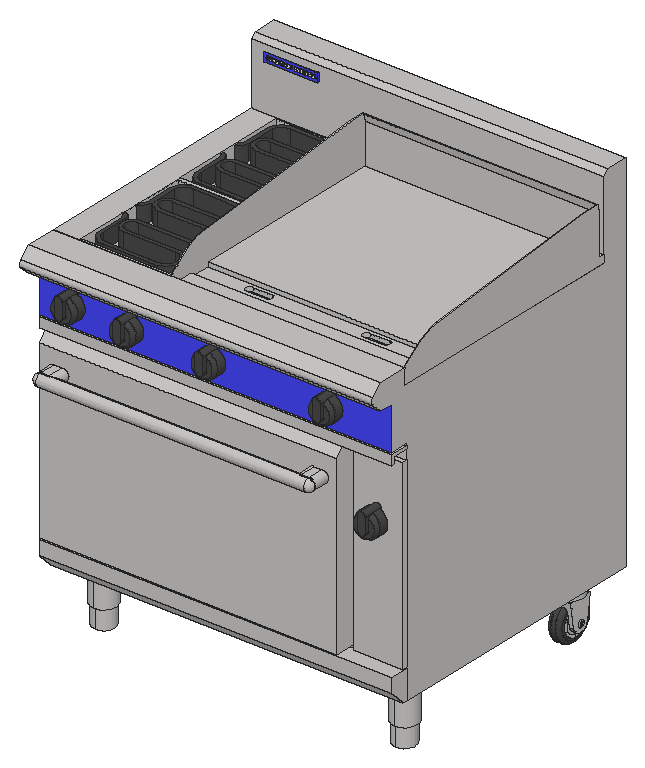
Revit family "QF_MOFFAT_BLUESEAL_CE_E56B", category Specialty Equipment, Revit 2012
Parameters
  Width = 900 mm  # constant formula
  Weight in Pounds = 440  # constant formula
  Watts = 18200 W
  Volts = 400 V
  URL Cutsheet = "www.moffat.com"
  URL = "www.moffat.com"
  Type Mark [instance] = ""
  Status [instance] = ""
  Specification by User [instance] = ""
  Specification by Manufacturer = ""
  Show Logo [instance] = yes
  Show Clearance [instance] = yes
  Show Casters [instance] = yes
  Serial Number = ""
  Seismic Rating = ""
  SMACNA No = ""
  Revision Code [instance] = ""
  Phase = 3
  Omniclass Number and Title = ""
  Number of Poles [instance] = 1
  NAFEM Spec ID Number = ""
  Model = "E56B"
  Min Ckt Ampacity = 0 A
  Max Overcurrent Protection = 0 A
  Masterspec = ""
  Manufacturer = "MOFFAT BLUESEAL"
  Legs [instance] = not(Show Casters)  # no
  Item Number [instance] = ""
  Installed By [instance] = ""
  Identify Quantity as Lot [instance] = yes
  Height = 970 mm  # constant formula
  HP = ""
  Furnished By [instance] = ""
  Foodservice Equipment Identifier [instance] = yes
  FL Amps = 20.9 A
  Electrical Remarks = "29.3A PER PHASE"
  Electric Connection Type = ""
  Elec Conn RI Height = 0 mm
  Elec Conn Connection Height = 0 mm
  Description = "900MM ELECTRIC RANGE WITH CONVECTION OVEN"
  Depth = 812 mm  # constant formula
  Cycle = 50 Hz
  Conn Plug = ""
  Conn Conduit = yes
  CSI MasterFormat = ""
  CSI Master Format = ""
  Body Finish = QF_Finishes_Stainless Steel
  Apparent Power = 0 VA
Reference planes
  plane 1 "BACK": y = 0
  plane 2: z = 0
  plane 3 "LEFT": x = 0
  plane 4 "RIGHT": x = 900
  plane 5 "FRONT": y = -812
  plane 6 "TOP": z = 970
  plane 7 "Center Y": x = 450
  plane 8 "Center X": y = -406
  plane 9: x = 280
  plane 10: y = -574.272
  plane 11: y = -304.972
  plane 12: y = -364.972
  plane 13: y = -812
  plane 14: x = 834.5
  plane 15: y = -32
  plane 16: z = 655
  plane 17: y = -100
  plane 18: z = 1085
  plane 19: y = -705
Forms (mm)
  Extrusion 1, solid, material "QF_Finishes_Stainless Steel" <- "Body Finish"
    sketch origin (0, 0, 0) x (0, 1, 0) y (0, 0, 1)
      loop
        line (0, 150) -> (0, 1085) -> (-57.5, 1085) -> (-70, 1072.5) -> (-70, 875) -> (-705, 875) -> (-705, 915) -> (-783.97, 915) -> (-808.476, 890.494)
        arc (-808.476, 890.494) -> (-811.994, 882) -> (-808.476, 873.506) r 12.013
        line (-808.476, 873.506) -> (-784.97, 850) -> (-749, 850) -> (-749, 740) -> (-699, 740) -> (-699, 150) -> (0, 150)
    from 0 to 900
  Extrusion 2, solid, material "QF_Finishes_Stainless Steel"
    sketch origin (0, 7, 0) x (0, 1, 0) y (0, 0, 1)
      loop
        line (-706, 700) -> (-732, 700) -> (-756, 676) -> (-756, 227.5) -> (-706, 227.5) -> (-706, 700)
    from 0 to 760
  Extrusion 3, solid, material "QF_Finishes_Stainless Steel"
    sketch origin (723.5, 7, 0) x (0, 1, 0) y (0, 0, 1)
      loop
        line (-706, 700) -> (-721, 700) -> (-721, 227.5) -> (-706, 227.5) -> (-706, 700)
    from 51.5 to 176.5
  Revolve 4, solid, material "QF_Finishes_Stainless Steel" <- "Body Finish"
    sketch origin (834.5, -696.126, 0) x (0, 1, 0) y (0, 0, -1)
      loop
        line (39.376, -150) -> (71.126, -150) -> (71.126, 0) -> (43.626, 0) -> (43.626, -50) -> (39.376, -50) -> (39.376, -150)
      axis (71.126, -150) -> (71.126, 0)
    angle from 0 to 360
  Revolve 5, solid, material "QF_Finishes_Stainless Steel" <- "Body Finish"
    sketch origin (65.5, -696.126, 0) x (0, 1, 0) y (0, 0, 1)
      loop
        line (39.376, 150) -> (39.376, 50) -> (43.626, 50) -> (43.626, 0) -> (71.126, 0) -> (71.126, 150) -> (39.376, 150)
      axis (71.126, 150) -> (71.126, 0)
    angle from 0 to 360
  Extrusion 6, solid, material "QF_Finishes_Stainless Steel"
    sketch origin (-64.5, 0, 325) x (1, 0, 0) y (0, 1, 0)
      loop
        circle (834.5, -32) r 10
    from 330 to 371
  Revolve 7, solid, material "QF_Finishes_Black"
    sketch origin (750, 45.874, -0.118) x (0, 1, 0) y (0, 0, 1)
      loop
        line (-827.874, 829.5) -> (-838.874, 823.651) -> (-838.874, 797) -> (-794.874, 797) -> (-794.874, 802) -> (-804.874, 802) -> (-804.874, 829.5) -> (-827.874, 829.5)
      axis (-838.874, 797) -> (-794.874, 797)
    angle from 0 to 360
  Revolve 8, solid, material "QF_Finishes_Black"
    sketch origin (90.649, 45.874, -0.118) x (0, 1, 0) y (0, 0, -1)
      loop
        line (-827.874, -829.5) -> (-804.874, -829.5) -> (-804.874, -802) -> (-794.874, -802) -> (-794.874, -797) -> (-838.874, -797) -> (-838.874, -823.651) -> (-827.874, -829.5)
      axis (-838.874, -797) -> (-794.874, -797)
    angle from 0 to 360
  Revolve 9, solid, material "QF_Finishes_Black"
    sketch origin (240.649, 45.874, -0.118) x (0, 1, 0) y (0, 0, -1)
      loop
        line (-827.874, -829.5) -> (-804.874, -829.5) -> (-804.874, -802) -> (-794.874, -802) -> (-794.874, -797) -> (-838.874, -797) -> (-838.874, -823.651) -> (-827.874, -829.5)
      axis (-838.874, -797) -> (-794.874, -797)
    angle from 0 to 360
  Revolve 10, solid, material "QF_Finishes_Black"
    sketch origin (450, 45.874, -0.118) x (0, 1, 0) y (0, 0, -1)
      loop
        line (-827.874, -829.5) -> (-804.874, -829.5) -> (-804.874, -802) -> (-794.874, -802) -> (-794.874, -797) -> (-838.874, -797) -> (-838.874, -823.651) -> (-827.874, -829.5)
      axis (-838.874, -797) -> (-794.874, -797)
    angle from 0 to 360
  Extrusion 11, solid, material "QF_Finishes_Black"
    sketch origin (238.456, 7, -0.118) x (-1, 0, 0) y (0, 0, -1)
      loop
        arc (158.3, -789) -> (148.3, -779) -> (138.3, -789) r 10
        line (138.3, -789) -> (138.3, -824)
        arc (138.3, -824) -> (148.3, -834) -> (158.3, -824) r 10
        line (158.3, -824) -> (158.3, -789)
    from 759 to 808
  Extrusion 12, solid, material "QF_Finishes_Black"
    sketch origin (388.456, 7, -0.118) x (-1, 0, 0) y (0, 0, -1)
      loop
        arc (158.3, -789) -> (148.3, -779) -> (138.3, -789) r 10
        line (138.3, -789) -> (138.3, -824)
        arc (138.3, -824) -> (148.3, -834) -> (158.3, -824) r 10
        line (158.3, -824) -> (158.3, -789)
    from 759 to 808
  Extrusion 13, solid, material "QF_Finishes_Black"
    sketch origin (602.193, 7, -0.118) x (1, 0, 0) y (0, 0, 1)
      loop
        line (158.3, 789) -> (158.3, 824)
        arc (158.3, 824) -> (148.3, 834) -> (138.3, 824) r 10
        line (138.3, 824) -> (138.3, 789)
        arc (138.3, 789) -> (148.3, 779) -> (158.3, 789) r 10
    from 759 to 808
  Extrusion 14, solid, material "QF_Finishes_Black"
    sketch origin (597.807, 7, -0.118) x (-1, 0, 0) y (0, 0, -1)
      loop
        arc (158.3, -789) -> (148.3, -779) -> (138.3, -789) r 10
        line (138.3, -789) -> (138.3, -824)
        arc (138.3, -824) -> (148.3, -834) -> (158.3, -824) r 10
        line (158.3, -824) -> (158.3, -789)
    from 759 to 808
  Revolve 15, solid, material "QF_Finishes_Black"
    sketch origin (836.851, 80.874, -245.743) x (0, 1, 0) y (0, 0, 1)
      loop
        line (-827.874, 829.5) -> (-838.874, 823.651) -> (-838.874, 797) -> (-794.874, 797) -> (-794.874, 802) -> (-804.874, 802) -> (-804.874, 829.5) -> (-827.874, 829.5)
      axis (-838.874, 797) -> (-794.874, 797)
    angle from 0 to 360
  Extrusion 16, solid, material "QF_Finishes_Black"
    sketch origin (689.044, 42, -245.743) x (1, 0, 0) y (0, 0, 1)
      loop
        line (158.3, 789) -> (158.3, 824)
        arc (158.3, 824) -> (148.3, 834) -> (138.3, 824) r 10
        line (138.3, 824) -> (138.3, 789)
        arc (138.3, 789) -> (148.3, 779) -> (158.3, 789) r 10
    from 759 to 808
  Extrusion 17, solid, material "QF_Door-Drawer Clearances", visible <- "Show Clearance", detail levels coarse
    sketch origin (0, 7, 0) x (0, -1, 0) y (0, 0, 1)
      loop
        line (756, 697.347) -> (756, 227.5) -> (1225.847, 227.5)
        arc (1225.847, 227.5) -> (1088.232, 559.732) -> (756, 697.347) r 469.847
    from 0 to -760
  Extrusion 18, void
    sketch origin (0, 0, 220) x (1, 0, 0) y (0, 1, 0)
      loop
        line (824, -87) -> (824, 0) -> (694, 0) -> (694, -39) -> (744, -87) -> (824, -87)
    from 0 to 476
  Extrusion 19, solid, material "QF_Finishes_Stainless Steel"
    sketch origin (0, -749, 227.5) x (0, 0, 1) y (-1, 0, 0)
      loop
        line (380.625, -38.246) -> (380.625, -58.528)
        arc (380.625, -58.528) -> (395.625, -73.528) -> (410.625, -58.528) r 15
        line (410.625, -58.528) -> (410.625, -38.246)
        arc (410.625, -38.246) -> (395.625, -23.246) -> (380.625, -38.246) r 15
      loop
        arc (380.625, -723.039) -> (395.625, -738.039) -> (410.625, -723.039) r 15
        line (410.625, -723.039) -> (410.625, -702.757)
        arc (410.625, -702.757) -> (395.625, -687.757) -> (380.625, -702.757) r 15
        line (380.625, -702.757) -> (380.625, -723.039)
    from 0 to 44
  Revolve 20, solid, material "QF_Finishes_Stainless Steel"
    sketch origin (0, -793, 0) x (1, 0, 0) y (0, 0, 1)
      loop
        arc (738.039, 623.125) -> (733.646, 633.732) -> (723.039, 638.125) r 15
        line (723.039, 638.125) -> (38.246, 638.125)
        arc (38.246, 638.125) -> (27.64, 633.732) -> (23.246, 623.125) r 15
        line (23.246, 623.125) -> (738.039, 623.125)
      axis (738.039, 623.125) -> (23.246, 623.125)
    angle from 0 to 360
  Extrusion 21, solid, material "QF_Finishes_Stainless Steel" <- "Body Finish"
    sketch origin (0, 7, 0) x (0, 1, 0) y (0, 0, 1)
      loop
        line (-756, 710) -> (-747.224, 710) -> (-749.613, 726.999) -> (-707.93, 726.999) -> (-707.93, 734.003) -> (-756, 734.003) -> (-756, 710)
    from 0 to 900
  Extrusion 22, solid, material "QF_Finishes_Stainless Steel" <- "Body Finish"
    sketch origin (0, 4.73, 0) x (0, 1, 0) y (0, 0, 1)
      loop
        line (-753.73, 222.5) -> (-753.73, 186) -> (-717.73, 150) -> (-703.73, 150) -> (-703.73, 222.5) -> (-753.73, 222.5)
    from 0 to 900
  Extrusion 23, solid, material "QF_Finishes_Stainless Steel", visible <- "Show Casters"
    sketch origin (71.501, 133.353, -8.783) x (0, 1, 0) y (0, 0, 1)
      loop
        line (-201.603, 118.783) -> (-265.103, 118.783) -> (-252.746, 53.895)
        arc (-252.746, 53.895) -> (-233.353, 38.783) -> (-213.959, 53.895) r 20
        line (-213.959, 53.895) -> (-201.603, 118.783)
    from -35.667 to 22.923
  Revolve 24, solid, material "QF_Finishes_Stainless Steel", visible <- "Show Casters"
    sketch origin (65, -203, 0) x (0, 1, 0) y (0, 0, 1)
      loop
        line (67.25, 150) -> (67.25, 110) -> (103, 110) -> (103, 150) -> (67.25, 150)
      axis (103, 150) -> (103, 110)
    angle from 0 to 360
  Revolve 25, solid, material "QF_Finishes_Stainless Steel", visible <- "Show Casters"
    sketch origin (834.5, -203, 0) x (0, 1, 0) y (0, 0, -1)
      loop
        line (67.25, -150) -> (103, -150) -> (103, -110) -> (67.25, -110) -> (67.25, -150)
      axis (103, -150) -> (103, -110)
    angle from 0 to 360
  Revolve 26, solid, material "QF_Finishes_Stainless Steel", visible <- "Show Casters"
    sketch origin (785.276, -99.755, -13.653) x (1, 0, 0) y (0, 0, 1)
      loop
        line (14.841, 64.453) -> (83.584, 64.453) -> (83.584, 67.958) -> (82.314, 69.228) -> (80.79, 69.228) -> (80.79, 72.674) -> (68.644, 72.674) -> (68.644, 82.639) -> (65.088, 84.692) -> (63.738, 93.028) -> (65.881, 93.028) -> (65.881, 99.378) -> (65.088, 99.378) -> (65.088, 105.728)
        arc (65.088, 105.728) -> (62.298, 112.463) -> (55.563, 115.253) r 9.525
        line (55.563, 115.253) -> (42.863, 115.253)
        arc (42.863, 115.253) -> (36.127, 112.463) -> (33.338, 105.728) r 9.525
        line (33.338, 105.728) -> (33.338, 99.378) -> (32.544, 99.378) -> (32.544, 93.028) -> (34.687, 93.028) -> (33.352, 84.781) -> (29.782, 82.719) -> (29.782, 72.674) -> (17.635, 72.674) -> (17.635, 69.228) -> (16.111, 69.228) -> (14.841, 67.958) -> (14.841, 64.453)
      axis (14.841, 64.453) -> (83.584, 64.453)
    angle from 0 to 360
  Extrusion 27, solid, material "QF_Finishes_Stainless Steel", visible <- "Show Casters"
    sketch origin (841.001, 133.353, -8.783) x (0, 1, 0) y (0, 0, 1)
      loop
        line (-201.603, 118.783) -> (-265.103, 118.783) -> (-252.746, 53.895)
        arc (-252.746, 53.895) -> (-233.353, 38.783) -> (-213.959, 53.895) r 20
        line (-213.959, 53.895) -> (-201.603, 118.783)
    from -35.667 to 22.923
  Revolve 28, solid, material "QF_Finishes_Stainless Steel", visible <- "Legs"
    sketch origin (65, -165, 0) x (0, 1, 0) y (0, 0, 1)
      loop
        line (33.25, 150) -> (33.25, 50) -> (37.5, 50) -> (37.5, 0) -> (65, 0) -> (65, 150) -> (33.25, 150)
      axis (65, 150) -> (65, 0)
    angle from 0 to 360
  Revolve 29, solid, material "QF_Finishes_Stainless Steel", visible <- "Legs"
    sketch origin (834.5, -165, 0) x (0, 1, 0) y (0, 0, -1)
      loop
        line (33.25, -150) -> (65, -150) -> (65, 0) -> (37.5, 0) -> (37.5, -50) -> (33.25, -50) -> (33.25, -150)
      axis (65, -150) -> (65, 0)
    angle from 0 to 360
  Revolve 30, solid, material "QF_Finishes_Stainless Steel", visible <- "Show Casters"
    sketch origin (114.224, -99.755, -13.653) x (-1, 0, 0) y (0, 0, -1)
      loop
        line (14.841, -64.453) -> (14.841, -67.958) -> (16.111, -69.228) -> (17.635, -69.228) -> (17.635, -72.674) -> (29.782, -72.674) -> (29.782, -82.719) -> (33.352, -84.781) -> (34.687, -93.028) -> (32.544, -93.028) -> (32.544, -99.378) -> (33.338, -99.378) -> (33.338, -105.728)
        arc (33.338, -105.728) -> (36.127, -112.463) -> (42.863, -115.253) r 9.525
        line (42.863, -115.253) -> (55.563, -115.253)
        arc (55.563, -115.253) -> (62.298, -112.463) -> (65.088, -105.728) r 9.525
        line (65.088, -105.728) -> (65.088, -99.378) -> (65.881, -99.378) -> (65.881, -93.028) -> (63.738, -93.028) -> (65.088, -84.692) -> (68.644, -82.639) -> (68.644, -72.674) -> (80.79, -72.674) -> (80.79, -69.228) -> (82.314, -69.228) -> (83.584, -67.958) -> (83.584, -64.453) -> (14.841, -64.453)
      axis (14.841, -64.453) -> (83.584, -64.453)
    angle from 0 to 360
  Extrusion 31, solid, material "QF_Finishes_Stainless Steel"
    sketch origin (0, 0, 0) x (1, 0, 0) y (0, 1, 0)
      loop
        circle (826, -501) r 6.35
    from 150 to 147.817
Cuts and joins
  Extrusion 18 cuts Extrusion 1
Lines and regions (mm)
  Split face 1
    outline origin (900, 0, 1085) x (-1, 0, 0) y (0, -1, 0)
      loop
        arc (867.206, 18.385) -> (875.866, 23.385) -> (875.866, 33.385) r 10
        line (875.866, 33.385) -> (871.824, 40.385)
        arc (871.824, 40.385) -> (868.164, 44.045) -> (863.164, 45.385) r 10
        line (863.164, 45.385) -> (635.206, 45.385)
        arc (635.206, 45.385) -> (626.545, 40.385) -> (626.545, 30.385) r 10
        line (626.545, 30.385) -> (630.587, 23.385)
        arc (630.587, 23.385) -> (634.247, 19.725) -> (639.247, 18.385) r 10
        line (639.247, 18.385) -> (867.206, 18.385)
  Split face 2
    outline origin (900, 0, 1085) x (-1, 0, 0) y (0, -1, 0)
      loop
        arc (567.206, 18.385) -> (575.866, 23.385) -> (575.866, 33.385) r 10
        line (575.866, 33.385) -> (571.824, 40.385)
        arc (571.824, 40.385) -> (568.164, 44.045) -> (563.164, 45.385) r 10
        line (563.164, 45.385) -> (335.206, 45.385)
        arc (335.206, 45.385) -> (326.545, 40.385) -> (326.545, 30.385) r 10
        line (326.545, 30.385) -> (330.587, 23.385)
        arc (330.587, 23.385) -> (334.247, 19.725) -> (339.247, 18.385) r 10
        line (339.247, 18.385) -> (567.206, 18.385)
  Split face 3
    outline origin (900, 0, 1085) x (-1, 0, 0) y (0, -1, 0)
      loop
        arc (35.206, 45.385) -> (26.545, 40.385) -> (26.545, 30.385) r 10
        line (26.545, 30.385) -> (30.587, 23.385)
        arc (30.587, 23.385) -> (34.247, 19.725) -> (39.247, 18.385) r 10
        line (39.247, 18.385) -> (267.206, 18.385)
        arc (267.206, 18.385) -> (275.866, 23.385) -> (275.866, 33.385) r 10
        line (275.866, 33.385) -> (271.824, 40.385)
        arc (271.824, 40.385) -> (268.164, 44.045) -> (263.164, 45.385) r 10
        line (263.164, 45.385) -> (35.206, 45.385)
  symbolic lines
    curve 1: line (0, 0, 0) -> (0, -812, 0)
    curve 2: line (900, 0, 0) -> (0, 0, 0)
    curve 3: line (900, -812, 0) -> (900, 0, 0)
    curve 4: line (0, -70, 0) -> (900, -70, 0)
    curve 5: line (900, -812, 0) -> (0, -812, 0)
    curve 6: line (900, -705, 0) -> (0, -705, 0)
    curve 7: arc (22.65, -812, 0) -> (34.104, -822.278, 0) -> (48.889, -826.544, 0) r 34.455
    curve 8: line (48.889, -826.544, 0) -> (721.858, -826.544, 0)
    curve 9: arc (721.858, -826.544, 0) -> (736.403, -822.647, 0) -> (747.05, -812, 0) r 29.089
    curve 13: line (32.794, -18.385, 0) -> (260.753, -18.385, 0)
    curve 14: arc (260.753, -18.385, 0) -> (265.753, -19.725, 0) -> (269.413, -23.385, 0) r 10
    curve 15: line (269.413, -23.385, 0) -> (273.455, -30.385, 0)
    curve 16: arc (273.455, -30.385, 0) -> (273.455, -40.385, 0) -> (264.794, -45.385, 0) r 10
    curve 17: line (264.794, -45.385, 0) -> (36.836, -45.385, 0)
    curve 18: arc (36.836, -45.385, 0) -> (31.836, -44.045, 0) -> (28.176, -40.385, 0) r 10
    curve 19: line (28.176, -40.385, 0) -> (24.134, -33.385, 0)
    curve 20: arc (24.134, -33.385, 0) -> (24.134, -23.385, 0) -> (32.794, -18.385, 0) r 10
    curve 21: line (560.753, -18.385, 0) -> (332.794, -18.385, 0)
    curve 22: arc (332.794, -18.385, 0) -> (324.134, -23.385, 0) -> (324.134, -33.385, 0) r 10
    curve 23: line (324.134, -33.385, 0) -> (328.176, -40.385, 0)
    curve 24: arc (328.176, -40.385, 0) -> (331.836, -44.045, 0) -> (336.836, -45.385, 0) r 10
    curve 25: line (336.836, -45.385, 0) -> (564.794, -45.385, 0)
    curve 26: arc (564.794, -45.385, 0) -> (573.455, -40.385, 0) -> (573.455, -30.385, 0) r 10
    curve 27: line (573.455, -30.385, 0) -> (569.413, -23.385, 0)
    curve 28: arc (569.413, -23.385, 0) -> (565.753, -19.725, 0) -> (560.753, -18.385, 0) r 10
    curve 29: line (632.794, -18.385, 0) -> (860.753, -18.385, 0)
    curve 30: arc (860.753, -18.385, 0) -> (865.753, -19.725, 0) -> (869.413, -23.385, 0) r 10
    curve 31: line (869.413, -23.385, 0) -> (873.455, -30.385, 0)
    curve 32: arc (873.455, -30.385, 0) -> (873.455, -40.385, 0) -> (864.794, -45.385, 0) r 10
    curve 33: line (864.794, -45.385, 0) -> (636.836, -45.385, 0)
    curve 34: arc (636.836, -45.385, 0) -> (631.836, -44.045, 0) -> (628.176, -40.385, 0) r 10
    curve 35: line (628.176, -40.385, 0) -> (624.134, -33.385, 0)
    curve 36: arc (624.134, -33.385, 0) -> (624.134, -23.385, 0) -> (632.794, -18.385, 0) r 10
    curve 37: line (0, -783.97, 0) -> (900, -783.97, 0)
    curve 38: line (0, -57.5, 0) -> (900, -57.5, 0)
  symbolic lines, style "QF_Door-Drawer Clearances"
    curve 10: line (0, -1218.847, 0) -> (0, -812, 0)
    curve 11: line (0, -1218.847, 0) -> (760, -1218.847, 0)
    curve 12: line (760, -1218.847, 0) -> (760, -812, 0)
  symbolic lines, style "SpecialityEquipmentHiddenLines", visible <- "Show Casters"
    curve 39: line (106.952, -62.61, 0) -> (56.152, -150.598, 0)
    curve 40: line (79.456, -46.735, 0) -> (106.952, -62.61, 0)
    curve 41: line (28.656, -134.723, 0) -> (79.456, -46.735, 0)
    curve 42: line (56.152, -150.598, 0) -> (28.656, -134.723, 0)
    curve 43: line (866.952, -62.61, 0) -> (816.152, -150.598, 0)
    curve 44: line (839.456, -46.735, 0) -> (866.952, -62.61, 0)
    curve 45: line (788.656, -134.723, 0) -> (839.456, -46.735, 0)
    curve 46: line (816.152, -150.598, 0) -> (788.656, -134.723, 0)
Dimensions and locks
  equal spacing: plane 3 "LEFT", plane 7 "Center Y", plane 4 "RIGHT"
  "Width": plane 3 "LEFT" to plane 4 "RIGHT"
  equal spacing: plane 5 "FRONT", plane 8 "Center X", plane 1 "BACK"
  plane 5 "FRONT" to plane 1 "BACK" = 812 mm  (x2)
  equal spacing: plane 4 "RIGHT", plane 7 "Center Y", plane 3 "LEFT"
  plane 4 "RIGHT" to plane 3 "LEFT" = 900 mm
  "Height": plane 6 "TOP" to level
  plane 10 to plane 1 "BACK" = 574.272 mm
  plane 11 to plane 1 "BACK" = 304.972 mm  (x2)
  plane 9 to plane 3 "LEFT" = 280 mm
  "Depth": plane 1 "BACK" to plane 13
  plane 13 to plane 5 "FRONT" = 0 mm
  plane 6 "TOP" to plane 2 = 970 mm
  plane 2 to Extrusion 1 sketch curve = 875 mm
  locked: plane 2 to Extrusion 1 sketch curve at 915
  Revolve 26 sketch curve to Revolve 26 sketch curve = 50.8 mm
  Revolve 30 sketch curve to Revolve 30 sketch curve = 50.8 mm
  plane 18 to level = 1085 mm
  Extrusion 31 sketch curve to plane 1 "BACK" = 501 mm
  Extrusion 31 sketch curve to plane 4 "RIGHT" = 74 mm
  aligned and locked: level to plane 2
  aligned and locked: curve 3 to plane 4 "RIGHT"
Automatic sketch dimensions
  Extrusion 1 sketch curve to plane 19 = 0 mm
  Extrusion 1 sketch curve to plane 18 = 0 mm
  Extrusion 1 sketch curve to plane 1 "BACK" = 0 mm
  plane 19 to Extrusion 1 sketch curve = 44 mm
  Extrusion 1 sketch curve to plane 5 "FRONT" = 28.03 mm
  Extrusion 1 sketch curve to plane 5 "FRONT" = 27.03 mm
  Extrusion 1 sketch curve to plane 5 "FRONT" = 12.018 mm
  Extrusion 1 sketch curve to plane 5 "FRONT" = 3.524 mm  (x2)
  Extrusion 1 sketch curve to plane 19 = 6 mm
  Extrusion 1 sketch curve to plane 18 = 12.5 mm
  plane 17 to Extrusion 1 sketch curve = 30 mm
  Extrusion 1 sketch curve to Extrusion 1 sketch curve = 12.5 mm
  Extrusion 1 sketch curve to Extrusion 1 sketch curve = 41.494 mm
  Extrusion 1 sketch curve to Extrusion 1 sketch curve = 25 mm
  plane 16 to Extrusion 1 sketch curve = 85 mm
  level to Extrusion 1 sketch curve = 150 mm
  Extrusion 1 sketch curve to Extrusion 1 sketch curve = 8.494 mm
  plane 19 to Extrusion 2 sketch curve = 20 mm
  Extrusion 2 sketch curve to plane 19 = 6 mm
  level to Extrusion 2 sketch curve = 227.5 mm
  plane 19 to Extrusion 3 sketch curve = 9 mm
  Extrusion 3 sketch curve to plane 19 = 6 mm
  level to Extrusion 3 sketch curve = 227.5 mm
  plane 16 to Extrusion 3 sketch curve = 45 mm
  Revolve 4 sketch curve to level = 0 mm
  Revolve 4 sketch curve to plane 19 = 48.25 mm
  Revolve 4 sketch curve to Revolve 4 sketch curve = 4.25 mm
  Revolve 4 sketch curve to Revolve 4 sketch curve = 27.5 mm  (x2)
  level to Revolve 4 sketch curve = 50 mm
  Revolve 4 sketch curve to Revolve 4 sketch curve = 0 mm
  Revolve 4 sketch curve to Revolve 4 sketch curve = 100 mm
  Revolve 4 sketch curve to Revolve 4 sketch curve = 55 mm
  Revolve 5 sketch curve to level = 0 mm
  Revolve 5 sketch curve to plane 19 = 48.25 mm
  Revolve 5 sketch curve to Revolve 5 sketch curve = 4.25 mm
  Revolve 5 sketch curve to Revolve 5 sketch curve = 27.5 mm  (x2)
  Revolve 5 sketch curve to level = 55 mm
  Revolve 5 sketch curve to Revolve 5 sketch curve = 50 mm
  Revolve 5 sketch curve to Revolve 5 sketch curve = 0 mm
  Revolve 5 sketch curve to Revolve 5 sketch curve = 100 mm
  Extrusion 6 sketch curve to plane 15 = 0 mm
  Extrusion 6 sketch curve to plane 14 = 64.5 mm
  Revolve 7 sketch curve to plane 5 "FRONT" = 19 mm
  Revolve 7 sketch curve to Revolve 7 sketch curve = 0 mm  (x2)
  Revolve 7 sketch curve to Revolve 7 sketch curve = 11 mm
  Revolve 7 sketch curve to Revolve 7 sketch curve = 12.7 mm
  Revolve 7 sketch curve to Revolve 7 sketch curve = 23 mm
  Revolve 7 sketch curve to Revolve 7 sketch curve = 10 mm
  plane 16 to Revolve 7 sketch curve = 141.882 mm
  Revolve 7 sketch curve to Revolve 7 sketch curve = 5 mm
  Revolve 7 sketch curve to Revolve 7 sketch curve = 26.651 mm
  Revolve 7 sketch curve to Revolve 7 sketch curve = 5.849 mm
  Revolve 8 sketch curve to plane 5 "FRONT" = 19 mm
  Revolve 8 sketch curve to Revolve 8 sketch curve = 0 mm  (x2)
  Revolve 8 sketch curve to Revolve 8 sketch curve = 11 mm
  Revolve 8 sketch curve to Revolve 8 sketch curve = 12.7 mm
  Revolve 8 sketch curve to Revolve 8 sketch curve = 23 mm
  Revolve 8 sketch curve to Revolve 8 sketch curve = 10 mm
  Revolve 8 sketch curve to plane 6 "TOP" = 140.618 mm
  Revolve 8 sketch curve to Revolve 8 sketch curve = 5.849 mm
  Revolve 8 sketch curve to Revolve 8 sketch curve = 27.5 mm
  Revolve 8 sketch curve to Revolve 8 sketch curve = 5 mm
  Revolve 9 sketch curve to plane 5 "FRONT" = 19 mm
  Revolve 9 sketch curve to Revolve 9 sketch curve = 0 mm  (x2)
  Revolve 9 sketch curve to Revolve 9 sketch curve = 11 mm
  Revolve 9 sketch curve to Revolve 9 sketch curve = 12.7 mm
  Revolve 9 sketch curve to Revolve 9 sketch curve = 23 mm
  Revolve 9 sketch curve to Revolve 9 sketch curve = 10 mm
  Revolve 9 sketch curve to plane 6 "TOP" = 140.618 mm
  Revolve 9 sketch curve to Revolve 9 sketch curve = 5.849 mm
  Revolve 9 sketch curve to Revolve 9 sketch curve = 27.5 mm
  Revolve 9 sketch curve to Revolve 9 sketch curve = 5 mm
  Revolve 10 sketch curve to plane 5 "FRONT" = 19 mm
  Revolve 10 sketch curve to Revolve 10 sketch curve = 0 mm  (x2)
  Revolve 10 sketch curve to Revolve 10 sketch curve = 11 mm
  Revolve 10 sketch curve to Revolve 10 sketch curve = 12.7 mm
  Revolve 10 sketch curve to Revolve 10 sketch curve = 23 mm
  Revolve 10 sketch curve to Revolve 10 sketch curve = 10 mm
  Revolve 10 sketch curve to plane 6 "TOP" = 140.618 mm
  Revolve 10 sketch curve to Revolve 10 sketch curve = 5.849 mm
  Revolve 10 sketch curve to Revolve 10 sketch curve = 27.5 mm
  Revolve 10 sketch curve to Revolve 10 sketch curve = 5 mm
  Extrusion 11 sketch curve to Extrusion 11 sketch curve = 10 mm
  Extrusion 11 sketch curve to plane 6 "TOP" = 146.118 mm
  Extrusion 11 sketch curve to Extrusion 11 sketch curve = 35 mm
  Extrusion 12 sketch curve to plane 9 = 29.844 mm
  Extrusion 12 sketch curve to Extrusion 12 sketch curve = 10 mm
  Extrusion 12 sketch curve to plane 6 "TOP" = 146.118 mm
  Extrusion 12 sketch curve to Extrusion 12 sketch curve = 35 mm
  Extrusion 13 sketch curve to plane 14 = 94.007 mm
  Extrusion 13 sketch curve to plane 14 = 84.007 mm
  plane 16 to Extrusion 13 sketch curve = 133.882 mm
  Extrusion 13 sketch curve to Extrusion 13 sketch curve = 35 mm
  plane 7 "Center Y" to Extrusion 14 sketch curve = 9.507 mm
  Extrusion 14 sketch curve to Extrusion 14 sketch curve = 10 mm
  Extrusion 14 sketch curve to plane 6 "TOP" = 146.118 mm
  Extrusion 14 sketch curve to Extrusion 14 sketch curve = 35 mm
  Revolve 15 sketch curve to plane 5 "FRONT" = 54 mm
  Revolve 15 sketch curve to Revolve 15 sketch curve = 0 mm  (x2)
  Revolve 15 sketch curve to Revolve 15 sketch curve = 11 mm
  Revolve 15 sketch curve to Revolve 15 sketch curve = 12.7 mm
  plane 19 to Revolve 15 sketch curve = 19 mm
  plane 19 to Revolve 15 sketch curve = 9 mm
  Revolve 15 sketch curve to plane 16 = 103.743 mm
  Revolve 15 sketch curve to Revolve 15 sketch curve = 5 mm
  Revolve 15 sketch curve to Revolve 15 sketch curve = 26.651 mm
  Revolve 15 sketch curve to Revolve 15 sketch curve = 5.849 mm
  Extrusion 16 sketch curve to plane 14 = 7.156 mm
  plane 14 to Extrusion 16 sketch curve = 2.844 mm
  Extrusion 16 sketch curve to plane 16 = 111.743 mm
  Extrusion 16 sketch curve to Extrusion 16 sketch curve = 35 mm
  plane 19 to Extrusion 17 sketch curve = 44 mm
  level to Extrusion 17 sketch curve = 227.5 mm
  plane 5 "FRONT" to Extrusion 17 sketch curve = 406.847 mm
  plane 1 "BACK" to Extrusion 18 sketch curve = 0 mm
  Extrusion 18 sketch curve to plane 15 = 7 mm
  Extrusion 18 sketch curve to plane 14 = 140.5 mm
  plane 17 to Extrusion 18 sketch curve = 13 mm
  Extrusion 18 sketch curve to Extrusion 18 sketch curve = 50 mm
  Extrusion 18 sketch curve to plane 14 = 10.5 mm
  Extrusion 19 sketch curve to plane 16 = 46.875 mm  (x2)
  Extrusion 19 sketch curve to Extrusion 19 sketch curve = 15 mm  (x2)
  Extrusion 19 sketch curve to plane 14 = 131.743 mm
  Extrusion 19 sketch curve to Extrusion 19 sketch curve = 20.282 mm  (x2)
  Revolve 20 sketch curve to plane 3 "LEFT" = 6.961 mm
  plane 3 "LEFT" to Revolve 20 sketch curve = 23.246 mm
  Revolve 20 sketch curve to plane 16 = 16.875 mm
  Revolve 20 sketch curve to Revolve 20 sketch curve = 15 mm
  Revolve 20 sketch curve to plane 16 = 31.875 mm
  plane 7 "Center Y" to Revolve 20 sketch curve = 138.039 mm
  Revolve 20 sketch curve to plane 14 = 111.461 mm
  plane 19 to Extrusion 21 sketch curve = 44 mm
  Extrusion 21 sketch curve to Extrusion 21 sketch curve = 6.387 mm
  Extrusion 21 sketch curve to Extrusion 21 sketch curve = 8.776 mm
  Extrusion 21 sketch curve to plane 19 = 4.07 mm
  plane 16 to Extrusion 21 sketch curve = 55 mm
  Extrusion 21 sketch curve to Extrusion 21 sketch curve = 16.999 mm
  Extrusion 21 sketch curve to Extrusion 21 sketch curve = 7.004 mm
  plane 19 to Extrusion 22 sketch curve = 44 mm
  Extrusion 22 sketch curve to Extrusion 22 sketch curve = 36.5 mm
  Extrusion 23 sketch curve to plane 17 = 0 mm
  Extrusion 23 sketch curve to plane 17 = 19.393 mm
  Extrusion 23 sketch curve to plane 17 = 31.75 mm
  plane 17 to Extrusion 23 sketch curve = 19.393 mm
  plane 17 to Extrusion 23 sketch curve = 31.75 mm
  level to Extrusion 23 sketch curve = 45.111 mm
  Extrusion 23 sketch curve to Extrusion 23 sketch curve = 4.889 mm
  Extrusion 23 sketch curve to Extrusion 23 sketch curve = 64.889 mm
  Revolve 24 sketch curve to plane 17 = 0 mm  (x2)
  Revolve 24 sketch curve to plane 17 = 35.75 mm
  Revolve 24 sketch curve to level = 55 mm
  level to Revolve 24 sketch curve = 50 mm
  Revolve 24 sketch curve to Revolve 24 sketch curve = 60 mm
  Revolve 24 sketch curve to Revolve 24 sketch curve = 40 mm
  Revolve 25 sketch curve to plane 17 = 0 mm  (x2)
  Revolve 25 sketch curve to plane 17 = 35.75 mm
  level to Revolve 25 sketch curve = 150 mm
  Revolve 25 sketch curve to Revolve 25 sketch curve = 40 mm
  level to Revolve 25 sketch curve = 50 mm
  Revolve 25 sketch curve to level = 55 mm
  Revolve 26 sketch curve to plane 14 = 34.382 mm
  Revolve 26 sketch curve to Revolve 26 sketch curve = 1.27 mm  (x4)
  Revolve 26 sketch curve to Revolve 26 sketch curve = 1.524 mm  (x2)
  Revolve 26 sketch curve to Revolve 26 sketch curve = 12.146 mm  (x2)
  Revolve 26 sketch curve to plane 14 = 16.68 mm
  Revolve 26 sketch curve to Revolve 26 sketch curve = 0.794 mm  (x2)
  Revolve 26 sketch curve to Revolve 26 sketch curve = 3.57 mm
  Revolve 26 sketch curve to Revolve 26 sketch curve = 2.143 mm
  Revolve 26 sketch curve to plane 14 = 6.361 mm
  plane 14 to Revolve 26 sketch curve = 5.13 mm
  plane 14 to Revolve 26 sketch curve = 6.339 mm
  plane 14 to Revolve 26 sketch curve = 14.515 mm
  Revolve 26 sketch curve to Revolve 26 sketch curve = 1.349 mm  (x2)
  Revolve 26 sketch curve to Revolve 26 sketch curve = 3.556 mm
  Revolve 26 sketch curve to plane 4 "RIGHT" = 2.18 mm
  level to Revolve 26 sketch curve = 50.8 mm
  Revolve 26 sketch curve to Revolve 26 sketch curve = 0 mm
  Revolve 26 sketch curve to Revolve 26 sketch curve = 3.505 mm  (x2)
  Revolve 26 sketch curve to Revolve 26 sketch curve = 3.447 mm  (x2)
  Revolve 26 sketch curve to Revolve 26 sketch curve = 9.964 mm
  Revolve 26 sketch curve to Revolve 26 sketch curve = 10.045 mm
  Revolve 26 sketch curve to Revolve 26 sketch curve = 2.053 mm
  Revolve 26 sketch curve to Revolve 26 sketch curve = 2.061 mm
  Revolve 26 sketch curve to Revolve 26 sketch curve = 8.247 mm
  Revolve 26 sketch curve to Revolve 26 sketch curve = 8.336 mm
  Revolve 26 sketch curve to Revolve 26 sketch curve = 6.35 mm  (x2)
  Extrusion 27 sketch curve to plane 17 = 0 mm
  Extrusion 27 sketch curve to plane 17 = 19.393 mm
  Extrusion 27 sketch curve to plane 17 = 31.75 mm
  plane 17 to Extrusion 27 sketch curve = 19.393 mm
  plane 17 to Extrusion 27 sketch curve = 31.75 mm
  level to Extrusion 27 sketch curve = 45.111 mm
  Extrusion 27 sketch curve to Extrusion 27 sketch curve = 4.889 mm
  Extrusion 27 sketch curve to Extrusion 27 sketch curve = 64.889 mm
  Revolve 28 sketch curve to level = 0 mm
  Revolve 28 sketch curve to plane 17 = 0 mm  (x2)
  Revolve 28 sketch curve to Revolve 28 sketch curve = 27.5 mm
  Revolve 28 sketch curve to Revolve 28 sketch curve = 31.75 mm
  Revolve 28 sketch curve to level = 55 mm
  Revolve 28 sketch curve to Revolve 28 sketch curve = 50 mm
  Revolve 28 sketch curve to Revolve 28 sketch curve = 0 mm
  Revolve 28 sketch curve to Revolve 28 sketch curve = 100 mm
  Revolve 29 sketch curve to level = 0 mm
  Revolve 29 sketch curve to plane 17 = 0 mm  (x2)
  Revolve 29 sketch curve to Revolve 29 sketch curve = 27.5 mm
  Revolve 29 sketch curve to Revolve 29 sketch curve = 31.75 mm
  level to Revolve 29 sketch curve = 50 mm
  Revolve 29 sketch curve to Revolve 29 sketch curve = 0 mm
  Revolve 29 sketch curve to Revolve 29 sketch curve = 100 mm
  Revolve 29 sketch curve to Revolve 29 sketch curve = 55 mm
  Revolve 30 sketch curve to Revolve 30 sketch curve = 1.27 mm  (x4)
  Revolve 30 sketch curve to Revolve 30 sketch curve = 1.524 mm  (x2)
  Revolve 30 sketch curve to Revolve 30 sketch curve = 0.794 mm  (x2)
  Revolve 30 sketch curve to Revolve 30 sketch curve = 3.57 mm
  Revolve 30 sketch curve to Revolve 30 sketch curve = 2.143 mm
  Revolve 30 sketch curve to Revolve 30 sketch curve = 1.349 mm  (x2)
  Revolve 30 sketch curve to Revolve 30 sketch curve = 3.556 mm
  Revolve 30 sketch curve to Revolve 30 sketch curve = 12.146 mm  (x2)
  Revolve 30 sketch curve to plane 3 "LEFT" = 2.68 mm
  level to Revolve 30 sketch curve = 101.6 mm
  Revolve 30 sketch curve to Revolve 30 sketch curve = 6.35 mm  (x4)
  Revolve 30 sketch curve to Revolve 30 sketch curve = 8.247 mm
  Revolve 30 sketch curve to Revolve 30 sketch curve = 8.336 mm
  Revolve 30 sketch curve to Revolve 30 sketch curve = 2.061 mm
  Revolve 30 sketch curve to Revolve 30 sketch curve = 2.053 mm
  Revolve 30 sketch curve to Revolve 30 sketch curve = 10.045 mm
  Revolve 30 sketch curve to Revolve 30 sketch curve = 9.964 mm
  Revolve 30 sketch curve to Revolve 30 sketch curve = 3.447 mm  (x2)
  Revolve 30 sketch curve to Revolve 30 sketch curve = 3.505 mm
  Split face 1 sketch curve to cut or joined group of Extrusion 1, Extrusion 18 = 27.115 mm
  Split face 1 sketch curve to cut or joined group of Extrusion 1, Extrusion 18 = 626.545 mm
  Split face 1 sketch curve to Split face 1 sketch curve = 4.041 mm  (x4)
  Split face 1 sketch curve to Split face 1 sketch curve = 8.66 mm  (x2)
  Split face 1 sketch curve to cut or joined group of Extrusion 1, Extrusion 18 = 12.115 mm
  Split face 1 sketch curve to Split face 1 sketch curve = 223.917 mm
  Split face 1 sketch curve to Split face 1 sketch curve = 7 mm  (x3)
  Split face 1 sketch curve to Split face 1 sketch curve = 17 mm
  Split face 2 sketch curve to cut or joined group of Extrusion 1, Extrusion 18 = 27.115 mm
  Split face 2 sketch curve to cut or joined group of Extrusion 1, Extrusion 18 = 326.545 mm
  Split face 2 sketch curve to cut or joined group of Extrusion 1, Extrusion 18 = 23.385 mm
  Split face 2 sketch curve to Split face 2 sketch curve = 4.041 mm  (x3)
  Split face 2 sketch curve to Split face 2 sketch curve = 8.66 mm  (x3)
  Split face 2 sketch curve to cut or joined group of Extrusion 1, Extrusion 18 = 12.115 mm
  Split face 2 sketch curve to Split face 2 sketch curve = 223.917 mm
  Split face 2 sketch curve to cut or joined group of Extrusion 1, Extrusion 18 = 18.385 mm
  Split face 2 sketch curve to Split face 2 sketch curve = 10 mm
  Split face 2 sketch curve to Split face 2 sketch curve = 7 mm
  Split face 3 sketch curve to cut or joined group of Extrusion 1, Extrusion 18 = 27.115 mm
  Split face 3 sketch curve to cut or joined group of Extrusion 1, Extrusion 18 = 26.545 mm
  Split face 3 sketch curve to cut or joined group of Extrusion 1, Extrusion 18 = 23.385 mm
  Split face 3 sketch curve to Split face 3 sketch curve = 4.041 mm  (x4)
  Split face 3 sketch curve to Split face 3 sketch curve = 8.66 mm  (x2)
  Split face 3 sketch curve to cut or joined group of Extrusion 1, Extrusion 18 = 22.115 mm
  Split face 3 sketch curve to Split face 3 sketch curve = 223.917 mm
  Split face 3 sketch curve to cut or joined group of Extrusion 1, Extrusion 18 = 17.115 mm
  Split face 3 sketch curve to Split face 3 sketch curve = 17 mm
  Split face 3 sketch curve to Split face 3 sketch curve = 7 mm
  Extrusion 2 sketch curve to Extrusion 2 sketch curve = 24 mm
  plane 16 to Extrusion 2 sketch curve = 21 mm
  plane 16 to Extrusion 2 sketch curve = 45 mm
  Extrusion 22 sketch curve to plane 19 = 6 mm
  level to Extrusion 22 sketch curve = 150 mm
  Extrusion 22 sketch curve to Extrusion 22 sketch curve = 36 mm
  plane 19 to Extrusion 22 sketch curve = 8 mm
  plane 3 "LEFT" to Extrusion 11 sketch curve = 100.156 mm
  plane 3 "LEFT" to Extrusion 19 sketch curve = 58.528 mm
  plane 3 "LEFT" to Revolve 30 sketch curve = 30.64 mm
  Revolve 30 sketch curve to Revolve 30 sketch curve = 9.525 mm
  Revolve 30 sketch curve to Revolve 30 sketch curve = 14.29 mm
  Revolve 30 sketch curve to Revolve 30 sketch curve = 12.7 mm
  Revolve 30 sketch curve to Revolve 30 sketch curve = 8.176 mm
  Revolve 30 sketch curve to Revolve 30 sketch curve = 0.808 mm
  plane 1 "BACK" to curve 1 = 0 mm
  curve 1 to plane 3 "LEFT" = 0 mm
  plane 5 "FRONT" to curve 7 = 0 mm
  plane 19 to curve 6 = 0 mm
  plane 3 "LEFT" to curve 7 = 22.65 mm
  curve 20 to plane 15 = 1.385 mm
  plane 3 "LEFT" to curve 20 = 24.134 mm
  curve 19 to curve 18 = 4.041 mm
  plane 3 "LEFT" to curve 41 = 28.656 mm
  plane 15 to curve 13 = 13.615 mm
  curve 20 to curve 13 = 8.66 mm
  curve 18 to curve 17 = 8.66 mm
  plane 5 "FRONT" to curve 8 = 14.544 mm
  curve 7 to curve 8 = 26.239 mm
  curve 7 to plane 5 "FRONT" = 19.857 mm
  curve 41 to curve 42 = 27.496 mm
  curve 40 to plane 15 = 14.735 mm
  curve 18 to curve 40 = 42.62 mm
  curve 13 to plane 9 = 19.247 mm
  curve 17 to plane 9 = 15.206 mm
  plane 15 to curve 14 = 8.615 mm
  curve 14 to curve 14 = 8.66 mm
  plane 15 to curve 16 = 1.615 mm
  curve 16 to plane 9 = 6.545 mm
  curve 23 to plane 15 = 1.385 mm
  plane 9 to curve 23 = 44.134 mm
  curve 23 to curve 24 = 4.041 mm
  plane 15 to curve 22 = 3.615 mm
  curve 22 to curve 22 = 8.66 mm
  curve 24 to curve 24 = 8.66 mm
  plane 7 "Center Y" to curve 28 = 110.753 mm
  curve 28 to curve 26 = 4.041 mm
  plane 15 to curve 27 = 8.615 mm
  curve 21 to curve 27 = 8.66 mm
  plane 15 to curve 27 = 1.615 mm
  curve 27 to curve 27 = 4.041 mm
  curve 36 to plane 15 = 1.385 mm
  curve 27 to curve 36 = 50.679 mm
  curve 35 to plane 15 = 8.385 mm
  curve 35 to curve 35 = 4.041 mm
  plane 15 to curve 29 = 13.615 mm
  curve 36 to curve 29 = 8.66 mm
  curve 34 to curve 34 = 8.66 mm
  curve 8 to plane 14 = 112.642 mm
  curve 45 to plane 17 = 34.723 mm
  curve 45 to plane 14 = 45.844 mm
  curve 9 to curve 9 = 25.191 mm
  curve 43 to plane 17 = 50.598 mm
  curve 45 to curve 43 = 27.496 mm
  curve 9 to curve 12 = 12.95 mm
  curve 45 to plane 15 = 14.735 mm
  plane 14 to curve 29 = 26.253 mm
  curve 30 to curve 32 = 4.041 mm  (x2)
  plane 15 to curve 31 = 8.615 mm
  curve 29 to curve 31 = 8.66 mm
  plane 15 to curve 32 = 1.615 mm
  curve 10 to curve 8 = 392.303 mm
  curve 37 to plane 5 "FRONT" = 28.03 mm
  curve 42 to plane 17 = 50.598 mm
  plane 17 to curve 4 = 30 mm
  curve 4 to curve 38 = 12.5 mm
  curve 32 to plane 15 = 13.385 mm
  curve 18 to plane 15 = 13.385 mm
  curve 25 to plane 15 = 13.385 mm
  curve 19 to curve 19 = 7 mm
  curve 23 to curve 23 = 7 mm
  radius of Extrusion 6 sketch curve = 10 mm
  radius of Extrusion 31 sketch curve = 6.35 mm
Nested families
  nested 1: "WALDORF LOGO_FACE BASE" at (32, -70, 1056.385) x (1, 0, 0) z (0, -1, 0), visible <- "Show Logo", type "WALDORF LOGO_FACE BASE", detail levels medium+fine
    with Show Logo yes
  nested 2: "ELECTRIC BURNER & GRIDDLE 900" at (0, -70, 875), type "ELECTRIC BURNER & GRIDDLE 900"
    with Width 900 mm, Type Mark "", Status "", Specification by User "", Show Clearance yes, Revision Code "", Number of Poles 1, Mechanical Remarks "", Mechanical Connection Type "", Item Number "", Installed By "", Identify Quantity as Lot yes, Gas RI Height 0 mm, Gas KW 0, Gas Input 0.0 Btu/h, Furnished By "", Foodservice Equipment Identifier yes, Electrical Remarks "", Electric Connection Type "", Elec Conn RI Height 0 mm, Elec Conn Connection Height 0 mm, Depth 635 mm
Connectors
  electrical at (826, -501, 147.817), driven by "Volts", driven by "Watts"
    settings: on Extrusion 31, index 5, voltage 400 V, apparent load 18200 VA, apparent load phase1 0 VA, apparent load phase2 0 VA, apparent load phase3 0 VA, power factor 1, load classification "Other", number of poles 1, system type 30, power factor state 1, is connector primary yes, connector utility no, sub classification motor no, connector description "ELECTRICAL CONNECTION"
Definition of nested family "WALDORF LOGO_FACE BASE"
  Parameters (values of type "WALDORF LOGO_FACE BASE")
    Show Logo [instance] = yes
    Default Elevation = 1219.2 mm
  Reference planes
    plane 1 "Center (Front/Back)": y = 0
    plane 2: z = 0
    plane 3 "Center (Left/Right)": x = 0
  Forms (mm)
    Extrusion 1, solid
      sketch origin (0, 0, 0) x (1, 0, 0) y (0, 1, 0)
        loop
          line (-1219.2, 1219.2) -> (-1219.2, -1219.2) -> (1219.2, -1219.2) -> (1219.2, 1219.2) -> (-1219.2, 1219.2)
      from 0 to -304.8
    Extrusion 2, solid, material "QF_Finishes_Blue", visible <- "Show Logo"
      sketch origin (0, -33.217, 0) x (1, 0, 0) y (0, 1, 0)
        loop
          arc (138, 31.942) -> (137.626, 32.844) -> (136.724, 33.217) r 1.276
          line (136.724, 33.217) -> (1.29, 33.217)
          arc (1.29, 33.217) -> (0.378, 32.839) -> (0, 31.927) r 1.29
          line (0, 31.927) -> (0, 11.507)
          arc (0, 11.507) -> (0.378, 10.595) -> (1.29, 10.217) r 1.29
          line (1.29, 10.217) -> (136.71, 10.217)
          arc (136.71, 10.217) -> (137.622, 10.595) -> (138, 11.507) r 1.29
          line (138, 11.507) -> (138, 31.942)
      from 0 to 1.588
    Extrusion 3, solid, material "QF_Finishes_White", visible <- "Show Logo"
      sketch origin (0, -33.217, 1.588) x (1, 0, 0) y (0, 1, 0)
        loop
          arc (108.946, 25.919) -> (107.613, 25.367) -> (107.061, 24.034) r 1.885
          line (107.061, 24.034) -> (107.061, 17.211) -> (112.704, 17.211) -> (112.704, 19.129) -> (115.546, 19.129) -> (115.546, 17.211) -> (121.584, 17.211) -> (121.584, 24.075)
          arc (121.584, 24.075) -> (121.043, 25.379) -> (119.739, 25.919) r 1.845
          line (119.739, 25.919) -> (108.946, 25.919)
        loop
          line (123.478, 25.919) -> (123.478, 17.163) -> (134.904, 17.163) -> (134.904, 19.129) -> (129.246, 19.129) -> (129.246, 25.919) -> (123.478, 25.919)
        loop
          line (112.704, 21.258) -> (115.546, 21.258) -> (115.546, 22.702)
          arc (115.546, 22.702) -> (115.344, 23.188) -> (114.858, 23.389) r 0.687
          line (114.858, 23.389) -> (113.363, 23.389)
          arc (113.363, 23.389) -> (112.897, 23.196) -> (112.704, 22.73) r 0.658
          line (112.704, 22.73) -> (112.704, 21.258)
        loop
          line (105.071, 25.919) -> (93.771, 25.919) -> (93.771, 17.163) -> (105.071, 17.163) -> (105.071, 19.063) -> (99.535, 19.063) -> (99.535, 20.437) -> (105.071, 20.437) -> (105.071, 22.278) -> (99.535, 22.278) -> (99.535, 23.587) -> (105.071, 23.587) -> (105.071, 25.919)
        loop
          line (91.104, 25.919) -> (79.541, 25.919)
          arc (79.541, 25.919) -> (78.558, 25.513) -> (78.152, 24.53) r 1.389
          line (78.152, 24.53) -> (78.152, 22.08)
          arc (78.152, 22.08) -> (78.558, 21.098) -> (79.541, 20.691) r 1.389
          line (79.541, 20.691) -> (86.346, 20.691) -> (86.346, 18.864) -> (83.266, 18.864) -> (83.266, 19.664) -> (78.152, 19.664) -> (78.152, 18.553)
          arc (78.152, 18.553) -> (78.558, 17.57) -> (79.541, 17.163) r 1.389
          line (79.541, 17.163) -> (91.063, 17.163)
          arc (91.063, 17.163) -> (92.045, 17.57) -> (92.452, 18.553) r 1.389
          line (92.452, 18.553) -> (92.452, 20.691)
          arc (92.452, 20.691) -> (92.045, 21.673) -> (91.063, 22.08) r 1.389
          line (91.063, 22.08) -> (83.266, 22.08) -> (83.266, 23.984) -> (86.346, 23.984) -> (86.346, 22.743) -> (92.452, 22.743) -> (92.452, 24.571)
          arc (92.452, 24.571) -> (92.057, 25.524) -> (91.104, 25.919) r 1.348
        loop
          line (70.705, 25.919) -> (59.405, 25.919) -> (59.405, 17.163) -> (70.705, 17.163) -> (70.705, 19.063) -> (65.169, 19.063) -> (65.169, 20.437) -> (70.705, 20.437) -> (70.705, 22.278) -> (65.169, 22.278) -> (65.169, 23.587) -> (70.705, 23.587) -> (70.705, 25.919)
        loop
          line (57.598, 25.919) -> (51.7, 25.919) -> (51.7, 20.18)
          arc (51.7, 20.18) -> (50.63, 19.11) -> (49.56, 20.18) r 1.07
          line (49.56, 20.18) -> (49.56, 25.919) -> (43.663, 25.919) -> (43.663, 19.049)
          arc (43.663, 19.049) -> (44.215, 17.716) -> (45.548, 17.163) r 1.885
          line (45.548, 17.163) -> (55.71, 17.163)
          arc (55.71, 17.163) -> (57.045, 17.716) -> (57.598, 19.051) r 1.887
          line (57.598, 19.051) -> (57.598, 25.919)
        loop
          line (31.62, 25.919) -> (31.62, 17.163) -> (43.046, 17.163) -> (43.046, 19.129) -> (37.388, 19.129) -> (37.388, 25.919) -> (31.62, 25.919)
        loop
          line (15.969, 25.919) -> (15.969, 17.163) -> (28.693, 17.163)
          arc (28.693, 17.163) -> (29.812, 17.627) -> (30.276, 18.746) r 1.582
          line (30.276, 18.746) -> (30.276, 20.447) -> (29.48, 21.243) -> (30.276, 22.039) -> (30.276, 24.332)
          arc (30.276, 24.332) -> (29.811, 25.454) -> (28.688, 25.919) r 1.587
          line (28.688, 25.919) -> (15.969, 25.919)
        loop
          line (21.449, 24.159) -> (21.449, 22.436) -> (23.862, 22.436)
          arc (23.862, 22.436) -> (24.723, 23.298) -> (23.862, 24.159) r 0.861
          line (23.862, 24.159) -> (21.449, 24.159)
        loop
          line (21.449, 20.244) -> (21.449, 18.522) -> (23.862, 18.522)
          arc (23.862, 18.522) -> (24.723, 19.383) -> (23.862, 20.244) r 0.861
          line (23.862, 20.244) -> (21.449, 20.244)
      from 0 to 0.2
    Extrusion 4, solid, material "QF_Finishes_Blue", visible <- "Show Logo"
      sketch origin (-126.498, -31.09, 1.588) x (1, 0, 0) y (0, 1, 0)
        loop
          line (136.738, 23.522) -> (136.738, 15.1)
          arc (136.738, 15.1) -> (140.756, 19.311) -> (136.738, 23.522) r 4.216
      from 0 to 0.2
    Extrusion 5, solid, material "QF_Finishes_Red", visible <- "Show Logo"
      sketch origin (146.849, -31.09, 1.588) x (-1, 0, 0) y (0, -1, 0)
        loop
          arc (136.738, -23.522) -> (140.756, -19.311) -> (136.738, -15.1) r 4.216
          line (136.738, -15.1) -> (136.738, -23.522)
      from 0 to 0.2
  Lines and regions (mm)
    Split face 1
      outline origin (-90.35, -30.793, 1.588) x (1, 0, 0) y (0, 1, 0)
        loop
          circle (100.54, 19.013) r 4.536
  Dimensions and locks
    aligned and locked: plane 2 to Extrusion 1
    aligned and locked: level to Extrusion 1
Definition of nested family "ELECTRIC BURNER & GRIDDLE 900"
  Parameters (values of type "ELECTRIC BURNER & GRIDDLE 900")
    Width [instance] = 900 mm
    Weight in Pounds = 0
    Watts = 0 W
    Volts = 0 V
    URL Cutsheet = ""
    Type Mark [instance] = ""
    Status [instance] = ""
    Specification by User [instance] = ""
    Specification by Manufacturer = ""
    Show Clearance [instance] = yes
    Serial Number = ""
    Seismic Rating = ""
    SMACNA No = ""
    Revision Code [instance] = ""
    Phase = 1
    Omniclass Number and Title = ""
    Number of Poles [instance] = 1
    NAFEM Spec ID Number = ""
    Min Ckt Ampacity = 0 A
    Mechanical Remarks [instance] = ""
    Mechanical Connection Type [instance] = ""
    Max Overcurrent Protection = 0 A
    Masterspec = ""
    Item Number [instance] = ""
    Installed By [instance] = ""
    Identify Quantity as Lot [instance] = yes
    HP = ""
    Gas Size = 0"
    Gas RI Height [instance] = 0 mm
    Gas KW [instance] = 0
    Gas Input [instance] = 0.0 Btu/h
    Gas Connection Height = 0 mm
    Furnished By [instance] = ""
    Foodservice Equipment Identifier [instance] = yes
    FL Amps = 0 A
    Electrical Remarks [instance] = ""
    Electric Connection Type [instance] = ""
    Elec Conn RI Height [instance] = 0 mm
    Elec Conn Connection Height [instance] = 0 mm
    Depth [instance] = 635 mm
    Cycle = 0 Hz
    Conn Plug = ""
    Conn Conduit = yes
    CSI MasterFormat = ""
    CSI Master Format = ""
    Apparent Power = if(Phase = 3, Volts * FL Amps * 1.73, Volts * FL Amps)  # 0 VA
  Reference planes
    plane 1 "BACK": y = 0
    plane 2: z = 0
    plane 3 "LEFT": x = 0
    plane 4 "RIGHT": x = 900
    plane 5 "FRONT": y = -635
    plane 6 "TOP": z = 142.5
    plane 7 "Center Y": x = 450
    plane 8 "Center X": y = -317.5
    plane 9: y = -70
    plane 10: x = 65.8
    plane 11: y = 70
  Forms (mm)
    Extrusion 1, solid, material "QF_Finishes_Stainless Steel"
      sketch origin (0, 1, 0) x (0, -1, 0) y (1, 0, 0)
        loop
          line (1, 0) -> (636, 0) -> (636, 300) -> (1, 300) -> (1, 0)
        loop
          line (631, 65.8) -> (631, 294.362) -> (321.251, 294.362) -> (321.251, 65.8) -> (631, 65.8)
        loop
          line (6, 294.362) -> (6, 65.8) -> (313.651, 65.8) -> (313.651, 294.362) -> (6, 294.362)
      from 0 to 40
    Extrusion 2, solid, material "QF_Finishes_Black"
      sketch origin (0, 15.7, 0) x (0, -1, 0) y (1, 0, 0)
        loop
          arc (156.993, 65.612) -> (148.172, 80.048) -> (132.304, 85.912) r 25.79
          line (132.304, 85.912) -> (61.096, 85.912)
          arc (61.096, 85.912) -> (42.545, 94.459) -> (35.45, 113.612) r 26.722
          line (35.45, 113.612) -> (35.45, 246.212)
          arc (35.45, 246.212) -> (63.15, 273.912) -> (90.85, 246.212) r 27.7
          line (90.85, 246.212) -> (90.85, 113.769)
          arc (90.85, 113.769) -> (118.55, 86.069) -> (146.25, 113.769) r 27.7
          line (146.25, 113.769) -> (146.25, 246.212)
          arc (146.25, 246.212) -> (173.95, 273.912) -> (201.65, 246.212) r 27.7
          line (201.65, 246.212) -> (201.65, 114.237)
          arc (201.65, 114.237) -> (229.35, 86.537) -> (257.05, 114.237) r 27.7
          line (257.05, 114.237) -> (257.05, 246.212)
          arc (257.05, 246.212) -> (284.75, 273.912) -> (312.45, 246.212) r 27.7
          line (312.45, 246.212) -> (312.45, 113.612)
          arc (312.45, 113.612) -> (305.355, 94.459) -> (286.804, 85.912) r 26.722
          line (286.804, 85.912) -> (215.596, 85.912)
          arc (215.596, 85.912) -> (199.705, 80.037) -> (190.819, 65.612) r 25.973
          line (190.819, 65.612) -> (201.232, 65.612)
          arc (201.232, 65.612) -> (206.91, 72.964) -> (215.719, 75.912) r 15.973
          line (215.719, 75.912) -> (286.986, 75.912)
          arc (286.986, 75.912) -> (312.551, 87.513) -> (322.45, 113.784) r 36.722
          line (322.45, 113.784) -> (322.45, 246.212)
          arc (322.45, 246.212) -> (284.75, 283.912) -> (247.05, 246.212) r 37.7
          line (247.05, 246.212) -> (247.05, 113.612)
          arc (247.05, 113.612) -> (229.35, 95.912) -> (211.65, 113.612) r 17.7
          line (211.65, 113.612) -> (211.65, 246.212)
          arc (211.65, 246.212) -> (173.95, 283.912) -> (136.25, 246.212) r 37.7
          line (136.25, 246.212) -> (136.25, 113.612)
          arc (136.25, 113.612) -> (118.55, 95.912) -> (100.85, 113.612) r 17.7
          line (100.85, 113.612) -> (100.85, 246.212)
          arc (100.85, 246.212) -> (63.15, 283.912) -> (25.45, 246.212) r 37.7
          line (25.45, 246.212) -> (25.45, 113.784)
          arc (25.45, 113.784) -> (35.349, 87.513) -> (60.914, 75.912) r 36.722
          line (60.914, 75.912) -> (132.193, 75.912)
          arc (132.193, 75.912) -> (140.976, 72.972) -> (146.6, 65.612) r 15.79
          line (146.6, 65.612) -> (156.993, 65.612)
        loop
          arc (469.581, 65.612) -> (460.695, 80.037) -> (444.804, 85.912) r 25.973
          line (444.804, 85.912) -> (373.596, 85.912)
          arc (373.596, 85.912) -> (355.045, 94.459) -> (347.95, 113.612) r 26.722
          line (347.95, 113.612) -> (347.95, 246.212)
          arc (347.95, 246.212) -> (375.65, 273.912) -> (403.35, 246.212) r 27.7
          line (403.35, 246.212) -> (403.35, 114.862)
          arc (403.35, 114.862) -> (431.05, 87.162) -> (458.75, 114.862) r 27.7
          line (458.75, 114.862) -> (458.75, 246.212)
          arc (458.75, 246.212) -> (486.45, 273.912) -> (514.15, 246.212) r 27.7
          line (514.15, 246.212) -> (514.15, 114.862)
          arc (514.15, 114.862) -> (541.85, 87.162) -> (569.55, 114.862) r 27.7
          line (569.55, 114.862) -> (569.55, 246.212)
          arc (569.55, 246.212) -> (597.25, 273.912) -> (624.95, 246.212) r 27.7
          line (624.95, 246.212) -> (624.95, 113.612)
          arc (624.95, 113.612) -> (617.855, 94.459) -> (599.304, 85.912) r 26.722
          line (599.304, 85.912) -> (528.096, 85.912)
          arc (528.096, 85.912) -> (511.987, 79.848) -> (503.282, 65) r 25.79
          line (503.282, 65) -> (513.588, 65)
          arc (513.588, 65) -> (519.162, 72.781) -> (528.207, 75.912) r 15.79
          line (528.207, 75.912) -> (599.486, 75.912)
          arc (599.486, 75.912) -> (625.051, 87.513) -> (634.95, 113.784) r 36.722
          line (634.95, 113.784) -> (634.95, 246.212)
          arc (634.95, 246.212) -> (597.25, 283.912) -> (559.55, 246.212) r 37.7
          line (559.55, 246.212) -> (559.55, 113.612)
          arc (559.55, 113.612) -> (541.85, 95.912) -> (524.15, 113.612) r 17.7
          line (524.15, 113.612) -> (524.15, 246.212)
          arc (524.15, 246.212) -> (486.45, 283.912) -> (448.75, 246.212) r 37.7
          line (448.75, 246.212) -> (448.75, 113.612)
          arc (448.75, 113.612) -> (431.05, 95.912) -> (413.35, 113.612) r 17.7
          line (413.35, 113.612) -> (413.35, 246.212)
          arc (413.35, 246.212) -> (375.65, 283.912) -> (337.95, 246.212) r 37.7
          line (337.95, 246.212) -> (337.95, 113.784)
          arc (337.95, 113.784) -> (347.849, 87.513) -> (373.414, 75.912) r 36.722
          line (373.414, 75.912) -> (444.681, 75.912)
          arc (444.681, 75.912) -> (453.49, 72.964) -> (459.168, 65.612) r 15.973
          line (459.168, 65.612) -> (469.581, 65.612)
      from 0 to 40
  Lines and regions (mm)
    symbolic lines
      curve 1: line (0, -635, 0) -> (900, -635, 0)
      curve 2: line (834.388, -635, 0) -> (900, -635, 0)
      curve 3: line (0, -635, 0) -> (900, -635, 0)
      curve 4: line (900, -635, 0) -> (900, 0, 0)
      curve 5: line (900, 0, 0) -> (0, 0, 0)
      curve 6: line (0, -635, 0) -> (65.8, -635, 0)
      curve 7: line (65.8, -635, 0) -> (65.8, -320.251, 0)
      curve 8: line (65.8, -320.251, 0) -> (294.362, -320.251, 0)
      curve 9: line (294.362, -634.701, 0) -> (305.638, -634.701, 0)
      curve 10: line (113.612, -19.75, 0) -> (246.212, -19.75, 0)
      curve 11: arc (246.212, -19.75, 0) -> (273.912, -47.45, 0) -> (246.212, -75.15, 0) r 27.7
      curve 12: line (246.212, -75.15, 0) -> (113.769, -75.15, 0)
      curve 13: arc (113.769, -75.15, 0) -> (86.069, -102.85, 0) -> (113.769, -130.55, 0) r 27.7
      curve 14: line (113.769, -130.55, 0) -> (246.212, -130.55, 0)
      curve 15: arc (246.212, -130.55, 0) -> (273.912, -158.25, 0) -> (246.212, -185.95, 0) r 27.7
      curve 16: line (246.212, -185.95, 0) -> (114.237, -185.95, 0)
      curve 17: arc (114.237, -185.95, 0) -> (86.537, -213.65, 0) -> (114.237, -241.35, 0) r 27.7
      curve 18: line (114.237, -241.35, 0) -> (246.212, -241.35, 0)
      curve 19: arc (246.212, -241.35, 0) -> (273.912, -269.05, 0) -> (246.212, -296.75, 0) r 27.7
      curve 20: line (246.212, -296.75, 0) -> (113.612, -296.75, 0)
      curve 21: arc (113.612, -296.75, 0) -> (94.459, -289.655, 0) -> (85.912, -271.104, 0) r 26.722
      curve 22: line (85.912, -271.104, 0) -> (85.912, -199.896, 0)
      curve 23: arc (85.912, -199.896, 0) -> (80.037, -184.005, 0) -> (65.612, -175.119, 0) r 25.973
      curve 24: line (65.612, -175.119, 0) -> (65.612, -185.532, 0)
      curve 25: arc (65.612, -185.532, 0) -> (72.964, -191.21, 0) -> (75.912, -200.019, 0) r 15.973
      curve 26: line (75.912, -200.019, 0) -> (75.912, -271.286, 0)
